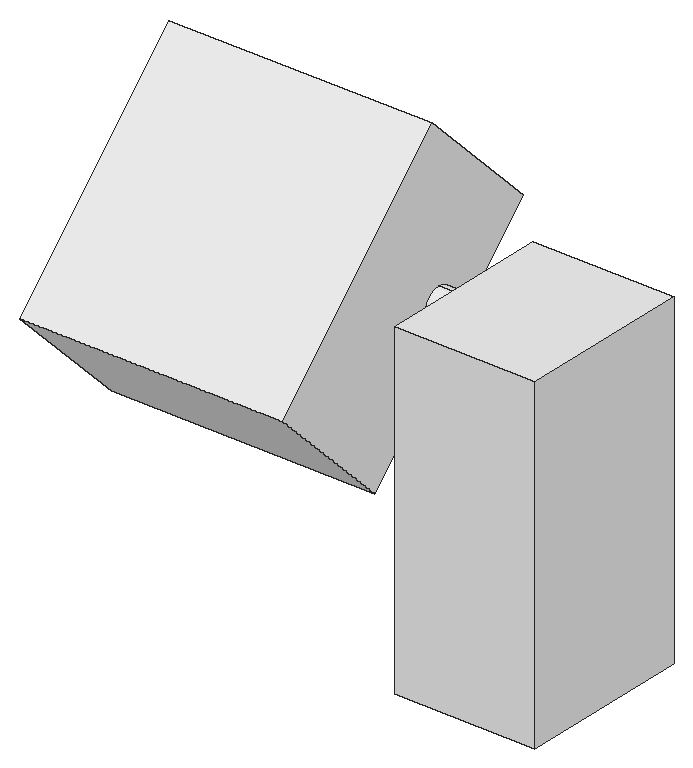
Revit family "Lighting-Accent-Amerlux-Contour Vertical 3x3", category Lighting Fixtures, host Face, Revit 2015
Parameters
  Voltage = 0 V
  Power Factor = 1
  Photometric Web File = ""
  Number of Poles = 1
  Material = Silver Finish
  Lamp = "LED"
  Input Wattage = ""
  Wattage = 26 W
  built-in parameter 1150110 = 1 (stored number, unit not read)
  URL = "http://www.amerlux.com"
  built-in parameter 1114217 = 1 (stored number, unit not read)
  Tilt Angle = 90.00°
  built-in parameter 1150109 = 1 (stored number, unit not read)
  built-in parameter 1150134 = 12
  built-in parameter 1150113 = 1 (stored number, unit not read)
  Model = "CNTRV33"
  Manufacturer = "Amerlux"
  built-in parameter 1150105 = 206.9 (stored number, unit not read)
  Lumens = 2600 lm
  built-in parameter 1150115 = 1 (stored number, unit not read)
  built-in parameter 1150137 = (empty or 0)
  built-in parameter 1150139 = (empty or 0)
  built-in parameter 1150112 = 1 (stored number, unit not read)
  built-in parameter 1150114 = 1 (stored number, unit not read)
  Keynote = ""
  built-in parameter 1150132 = (empty or 0)
  built-in parameter 1150102 = (empty or 0)
  built-in parameter 1150107 = 4000 (stored number, unit not read)
  built-in parameter 1150138 = (empty or 0)
  built-in parameter 1150106 = 2.069 (stored number, unit not read)
  Finish = ""
  Emit from Rectangle Width = 3"
  Emit from Rectangle Length = 3"
  Emit Shape Visible in Rendering = yes
  built-in parameter 1150104 = 9.2903 (stored number, unit not read)
  Dimming Lamp Color Temperature Shift = (empty or 0)
  Description = "Accent Lighting"
  Default Elevation = 48"
  Color Filter = 16777215
  built-in parameter 1114218 = 1 (stored number, unit not read)
  built-in parameter 1150133 = 10 (stored number, unit not read)
  Assembly Code = ""
  Apparent Load = 0 VA
Reference planes (in)
  plane 1 "Center (Front/Back)": y = 2.00423
  plane 2: z = 0
  plane 3 "Center (Left/Right)": x = 2.916
  plane 4: z = 6.3125
  plane 5: y = 3.00423
  plane 6: y = 1.00423
  plane 7: z = 5.8125
Forms (in)
  Extrusion 1, solid, material "Silver Finish"
    sketch origin (0, 2.00423, -0.6875) x (-1, 0, 0) y (0, 0, 1)
      loop
        line (-2.916, 5.375) -> (-4.916, 5.375) -> (-4.916, 0.6875) -> (-2.916, 0.6875) -> (-2.916, 5.375)
    from -1.253 to 1.22125
  Revolve 2, solid, material "Silver Finish"
    sketch origin (0, 2.00423, -0.78125) x (-1, 0, 0) y (0, 0, 1)
      loop
        line (-2.54388, 5.3125) -> (-2.916, 5.3125) -> (-2.916, 5.0625) -> (-2.54388, 5.0625) -> (-2.54388, 5.3125)
      axis (-2.54388, 5.0625) -> (-2.916, 5.0625)
    angle from 0 to 360
Dimensions and locks (in)
  equal spacing: plane 5, plane 1 "Center (Front/Back)", plane 6
  locked: Extrusion 1 sketch curve to Extrusion 1 sketch curve at 2
  locked: Extrusion 1 sketch curve to Extrusion 1 sketch curve at 4.6875
  aligned and locked: plane 2 to host face
  aligned and locked: level to host face
  aligned: imposter light to plane 1 "Center (Front/Back)"
  aligned and locked: Extrusion 1 to level
  aligned and locked: imposter light to nested 1
Automatic sketch dimensions
  host sketch curve to host sketch curve = 12.00498"
  host sketch curve to host sketch curve = 12.39607"
  plane 3 "Center (Left/Right)" to Extrusion 1 sketch curve = 0"
  plane 3 "Center (Left/Right)" to Revolve 2 sketch curve = 0"
  Revolve 2 sketch curve to Revolve 2 sketch curve = 0.37213"
  Revolve 2 sketch curve to plane 4 = 2 1/32"
  Revolve 2 sketch curve to Revolve 2 sketch curve = 1/4"
  Revolve 2 sketch curve to plane 3 "Center (Left/Right)" = 1.64144"
  Revolve 2 sketch curve to Revolve 2 sketch curve = 0.77229"
  Revolve 2 sketch curve to Revolve 2 sketch curve = 0"
  Extrusion 1 sketch curve to level = 0"
Nested families (in)
  nested 1: "Track Head" at (1.77159, 1.37547, 4.51631) x (0, -0.7071, -0.7071) z (-1, 0, 0), type "Track Head"
Connectors (in)
  electrical at (3.916, 1.98836, 0), driven by "Number of Poles", driven by "Voltage", driven by "Apparent Load", driven by "Power Factor"
    settings: on Extrusion 1, index 1, voltage 0 V, apparent load 0 VA, apparent load phase1 0 VA, apparent load phase2 0 VA, apparent load phase3 0 VA, power factor 1, load classification "Other", number of poles 1, system type 31, power factor state 1, is connector primary yes, connector utility no, sub classification motor no, connector description "Power"
Definition of nested family "Track Head"
  Parameters (values of type "Track Head")
    Width = 3 3/4"
    Material = none
    Depth = 2 5/16"
    Default Elevation = 48"
    Assembly Code = ""
  Reference planes (in)
    plane 1 "Center (Front/Back)": y = 0
    plane 2: z = 0
    plane 3 "Center (Left/Right)": x = 0
    plane 4: y = 1.15625
    plane 5: y = -1.15625
  Forms (in)
    Extrusion 1, solid
      sketch origin (0, 0, 0) x (1, 0, 0) y (0, 1, 0)
        loop
          line (-48, 48) -> (-48, -48) -> (48, -48) -> (48, 48) -> (-48, 48)
      from 0 to -0.80444
    Extrusion 2, solid
      sketch origin (0, 0, 1.10938) x (1, 0, 0) y (0, 0, 1)
        loop
          line (1.875, 1.875) -> (-1.875, 1.875) -> (-1.875, -1.875) -> (1.875, -1.875) -> (1.875, 1.875)
      from -1.15625 to 1.15625
  Dimensions and locks (in)
    equal spacing: plane 4, plane 1 "Center (Front/Back)", plane 5
    "Depth": plane 4 to plane 5
    equal spacing: Extrusion 2 sketch curve, plane 3 "Center (Left/Right)", Extrusion 2 sketch curve
    equal spacing: Extrusion 2 sketch curve, Extrusion 1, Extrusion 2 sketch curve
    "Width": Extrusion 2 sketch curve to Extrusion 2 sketch curve  (x2)
    aligned and locked: plane 2 to Extrusion 1
    aligned and locked: level to Extrusion 1
    aligned and locked: Extrusion 2 to plane 4
    aligned and locked: plane 5 to Extrusion 2
  Automatic sketch dimensions
    Extrusion 1 sketch curve to Extrusion 1 sketch curve = 96"  (x2)
    Extrusion 2 sketch curve to level = 49/64"
